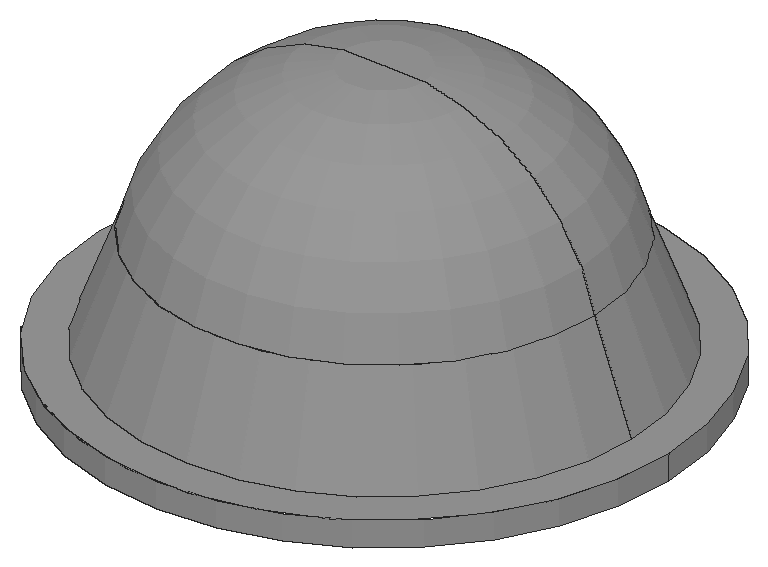
Revit family "4HOLM-DOWN_LIGHT_LED_40W_O230+connect_19_4000K", category Lighting Fixtures, host Ceiling, Revit 2021
Family settings
  Host = Ceiling
  Round Connector Dimension = Use Diameter
  Part Type = Normal
  OmniClass Number = 23.80.70.11
  OmniClass Title = Luminaries for Internal Lighting
  Always vertical = Yes
  Cut with Voids When Loaded = No
  Light Source = Yes
  Shared = No
  Room Calculation Point = No
Parameters (values of type "Type 1")
  Wattage = 25.2117 W
  built-in parameter 1150110 = 1 (stored number, unit not read)
  URL = "https://www.lucera.fr/"
  Type de lampe = "LED XC-COB Bridgelux 2630"
  built-in parameter 1114217 = 1 (stored number, unit not read)
  Tilt Angle = 90.00°
  built-in parameter 1150109 = 1 (stored number, unit not read)
  built-in parameter 1150134 = 12
  built-in parameter 1150113 = 1 (stored number, unit not read)
  SDCM = "3"
  Puissance nominale = "38W"
  Photometric Web File = "google_eulumdat_converter.ies"
  Matériau = "Aluminium"
  Manufacturer = "Lucera - Lucera (c) 06/01/2021 16:39:16 +01:00"  # constant formula
  Maintien du flux = "L80B10 (50 000 heures)"
  Lumens = 3745 lm
  built-in parameter 1150115 = 1 (stored number, unit not read)
  built-in parameter 1150105 = 298.02 (stored number, unit not read)
  built-in parameter 1150137 = (empty or 0)
  built-in parameter 1150139 = (empty or 0)
  built-in parameter 1150112 = 1 (stored number, unit not read)
  built-in parameter 1150114 = 1 (stored number, unit not read)
  built-in parameter 1150132 = 2
  built-in parameter 1150102 = (empty or 0)
  built-in parameter 1150138 = (empty or 0)
  built-in parameter 1150107 = 4000 (stored number, unit not read)
  built-in parameter 1150106 = 2.9802 (stored number, unit not read)
  IRC = ">90"
  built-in parameter 1150104 = 13.8 (stored number, unit not read)
  Durée de vie = "50 000 heures"
  Driver = "Driver Lifud TUV CE CCC"
  Dimming Lamp Color Temperature Shift = <None>
  Dimensions = "Ø 230 mm, H = 110 mm"
  Dimension découpe = "Ø 200-220 mm"
  Default Elevation = 0 mm
  Couleur = "Blanc"
  Color Filter = 16777215
  built-in parameter 1114218 = 1 (stored number, unit not read)
  built-in parameter 1150133 = 10 (stored number, unit not read)
  Angle d'éclairage = "60°"
  Alimentation luminaire = "33-40V dc / 600mA"
  Alimentation Driver = "AC 220-240V"
Reference planes
  plane 1 "Light Source Axis (F/B)": y = 0
  plane 2: z = 0
  plane 3 "Light Source Axis (L/R)": x = 0
  plane 4 "Ceiling": z = 4000
  plane 5 "Light Source Elevation": z = 3991.673
Forms (mm)
  Blend 1, solid, material "Aluminum, blanc"
    base sketch origin (0, 0, 4000) x (0, 1, 0) y (-1, 0, 0)
      loop
        circle (0, 0) r 100
    top sketch origin (0, 0, 4000) x (0, 1, 0) y (-1, 0, 0)
      loop
        circle (0, 0) r 85
    from 0 to 39.386
  Extrusion 2, solid, material "Aluminum, blanc"
    sketch origin (0, 0, 4000) x (0, 1, 0) y (-1, 0, 0)
      loop
        circle (0, 0) r 115
      loop
        circle (0, 0) r 85
    from -10 to 0
  Extrusion 3, solid, material "Glass, White, High Luminance"
    sketch origin (0, 0, 4000) x (0, 1, 0) y (-1, 0, 0)
      loop
        circle (0, 0) r 85
    from -10 to 0
  Revolve 4, solid, material "Aluminum, gris"
    sketch origin (0, 0, 0) x (1, 0, 0) y (0, 0, 1)
      loop
        line (0, 4099.93) -> (0, 4039.386) -> (85, 4039.386)
        arc (85, 4039.386) -> (53.947, 4085.729) -> (0, 4099.93) r 78.858
      axis (0, 4099.93) -> (0, 4039.386)
    angle from 0 to 360
Lines and regions (mm)
  reference lines
    curve 1: line (0, 0, 4000) -> (74, 0, 4000)
    curve 2: line (0, 0, 4000) -> (-74, 0, 4000)
    curve 3: line (0, 0, 3750) -> (0, 0, 3835)
    curve 4: line (0, 0, 3990) -> (0, 0, 4075)
    curve 5: line (0, 0, 4000) -> (100, 0, 4000)
    curve 6: line (0, 0, 4000) -> (-100, 0, 4000)
    curve 7: line (0, 0, 3990) -> (0, 0, 4095)
    curve 8: line (0, 0, 4000) -> (-115, 0, 4000)
    curve 9: line (0, 0, 4000) -> (115, 0, 4000)
    curve 10: line (0, 0, 3990) -> (0, 0, 4100)
Dimensions and locks
  equal spacing: host sketch curve, plane 3 "Light Source Axis (L/R)", host sketch curve
  equal spacing: host sketch curve, plane 1 "Light Source Axis (F/B)", host sketch curve
  host sketch curve to host sketch curve = 4000 mm  (x2)
  plane 4 "Ceiling" to host ceiling = 0 mm
  aligned and locked: plane 1 "Light Source Axis (F/B)" to imposter light
  aligned and locked: plane 5 "Light Source Elevation" to imposter light
